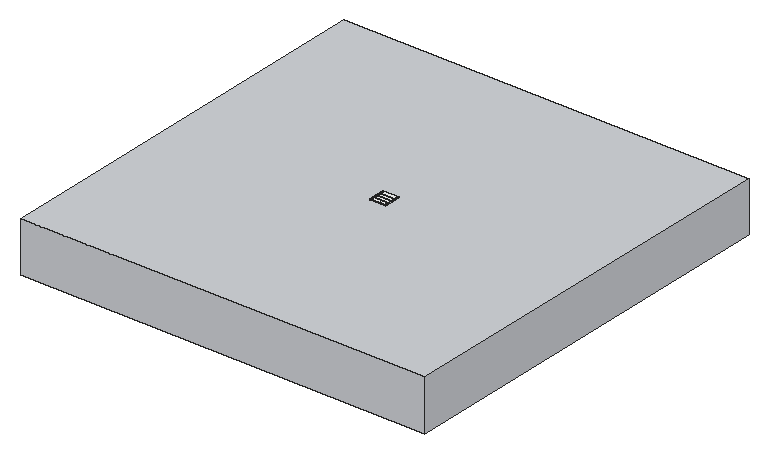
Revit family "Gira_5034219", category Elektroinstallationen, Revit 2017
Family settings
  Basisbauteil = Fläche
  Beschriftungsausrichtung beibehalten = Nein
  Bemaßung runder Anschluss = Durchmesser verwenden
  Teiletyp = Normal
  Beim Laden mit Abzugskörper schneiden = Nein
  Gemeinsam genutzt = Nein
  Raumberechnungspunkt = Nein
Parameters (values of type "Wippenset 4f indiv. Tastsens.4 TS4 Edelstahl")
  Werkstoffgüte = "Edelstahl"
  Werkstoff Text = "Metall"
  Default Elevation = 1219.2 mm
  URL = "https://www.gira.de/"
  Typname = "Wippenset 4f indiv. Tastsens.4 TS4 Edelstahl"
  Type Comments = ""
  Transparent = no
  Produktseite = "https://media.stage.bim.site/t/eyJhbGciOiJIUzI1NiIsInR5cCI6IkpXVCJ9.eyJjdCI6MiwidHUiOiJodHRwOi8va2F0YWxvZy5naXJhLmRlL2RlX0RFL2RhdGVuYmxhdHQuaHRtbD9hcnRpa2VsbnI9NTAzNDIxOSIsImNpZCI6IjMyNzdjYzIzLTgxYTktNGVlMy1hOTBhLWI0N2JiNGMwYjYxNiIsInJpZCI6ImRjMmJhYjFjZjE4NzU3ZDMxZmRmNmRhYjljNzE4OGJhIiwicGlkIjoiYjhiZTg2YWJkZWQwOThmOWRhOGFhMmZhZGFiZmNjZmQxYWVkMGI3MSIsInNpZCI6IjYzNDcwIiwidXQiOjEsImxjIjoiZGUiLCJpYXQiOjE2MDA5NDQ0ODQsImlzcyI6Imh0dHBzOi8vYXBpLmxpdmUuYmltLnNpdGUiLCJzdWIiOiJhZG1pbkBiaW1zaXRlLmRldiJ9.P8WfTovuVmcIwAMHQuJvHRlOZUjGtNW_kyqB0nRbeVw"
  Model = ""
  Cost = 0
  Hersteller = "Gira"
  HeinzeBIM = "https://www.heinze.de/bim/wippenset-4f-indiv-tastsens-4-ts4-edelstahl/b8be86abded098f9da8aa2fadabfccfd1aed0b71"
  HAN = "5034219"
  GTIN = "4010337072584"
  Funk bidirektional = no
  Farbe = "Edelstahl"
  Datenblatt 1 = "https://media.stage.bim.site/t/eyJhbGciOiJIUzI1NiIsInR5cCI6IkpXVCJ9.eyJjdCI6MSwidGYiOiJwdWJsaWMvZ2lyYS9hZThjNTU3LzUwMzQyMTkudHh0IiwiY2lkIjoiMzI3N2NjMjMtODFhOS00ZWUzLWE5MGEtYjQ3YmI0YzBiNjE2IiwicmlkIjoiZGMyYmFiMWNmMTg3NTdkMzFmZGY2ZGFiOWM3MTg4YmEiLCJwaWQiOiJiOGJlODZhYmRlZDA5OGY5ZGE4YWEyZmFkYWJmY2NmZDFhZWQwYjcxIiwic2lkIjoiNjM0NzAiLCJ1dCI6MSwibGMiOiJkZSIsImlhdCI6MTYwMDk0NDQ4NCwiaXNzIjoiaHR0cHM6Ly9hcGkubGl2ZS5iaW0uc2l0ZSIsInN1YiI6ImFkbWluQGJpbXNpdGUuZGV2In0.zFBmdyNPywE1B-cEaWIJrp5t3Y7y-4PVSZX3hhGgtAE/5034219.txt"
  Datenblatt = "https://media.stage.bim.site/t/eyJhbGciOiJIUzI1NiIsInR5cCI6IkpXVCJ9.eyJjdCI6MSwidHUiOiJodHRwczovL2thdGFsb2cuZ2lyYS5kZS9kZV9ERS9kb3dubG9hZC5odG1sP2FydGlrZWxucj01MDM0MjE5IiwiY2lkIjoiMzI3N2NjMjMtODFhOS00ZWUzLWE5MGEtYjQ3YmI0YzBiNjE2IiwicmlkIjoiZGMyYmFiMWNmMTg3NTdkMzFmZGY2ZGFiOWM3MTg4YmEiLCJwaWQiOiJiOGJlODZhYmRlZDA5OGY5ZGE4YWEyZmFkYWJmY2NmZDFhZWQwYjcxIiwic2lkIjoiNjM0NzAiLCJ1dCI6MSwibGMiOiJkZSIsImlhdCI6MTYwMDk0NDQ4NCwiaXNzIjoiaHR0cHM6Ly9hcGkubGl2ZS5iaW0uc2l0ZSIsInN1YiI6ImFkbWluQGJpbXNpdGUuZGV2In0.eXUxsWL3NRFbpH2cjeM2dkVeKlBjHnzQuezih7qsFdw"
  Bussystem Powernet = no
  Bussystem LON = no
  Bussystem KNX-Funk = no
  Bussystem KNX = yes
  Bussystem Funkbus = no
  Beschreibung = "Wippenset 4fach individuell für Tastsensor 4  Edelstahl Hinweise :  Beschreibbare Wippensets können mit einer individuellen Beschriftung versehen werden. Die Bestellung wird über den Großhandel abgewickelt, der beim Bestellvorgang der Wippen angegeben wurde.  Dieses Produkt kann ausschließlich über den Gira Beschriftungsservice bestellt werden.  Professionelle Beschriftung über den Gira Beschriftungsservice www.beschriftung.gira.de."
  Assembly Code = ""
  Keynote = ""
  BIMSITE_PRODUCT_ID = "b8be86abded098f9da8aa2fadabfccfd1aed0b71"
  BIM = "https://media.stage.bim.site/t/eyJhbGciOiJIUzI1NiIsInR5cCI6IkpXVCJ9.eyJjdCI6MSwidGYiOiJwdWJsaWMvZ2lyYS9hZThjNTU3LzQwXzUwMjQwMCBUUzQgV2lwcGVuc2V0IDRmYWNoLnJmYSIsImNpZCI6IjMyNzdjYzIzLTgxYTktNGVlMy1hOTBhLWI0N2JiNGMwYjYxNiIsInJpZCI6ImRjMmJhYjFjZjE4NzU3ZDMxZmRmNmRhYjljNzE4OGJhIiwicGlkIjoiYjhiZTg2YWJkZWQwOThmOWRhOGFhMmZhZGFiZmNjZmQxYWVkMGI3MSIsInNpZCI6IjYzNDcwIiwidXQiOjUsImxjIjoiZGUiLCJpYXQiOjE2MDA5NDQ0ODQsImlzcyI6Imh0dHBzOi8vYXBpLmxpdmUuYmltLnNpdGUiLCJzdWIiOiJhZG1pbkBiaW1zaXRlLmRldiJ9.VnMDdQHmuLUz1UqfwaGhI6ftAsXduJ0WMqtEe1AFf84/40_502400 TS4 Wippenset 4fach.rfa"
  Andere Bussysteme = "ohne"
Reference planes
  plane 1 "Center (Front/Back)": y = 0
  plane 2: z = 0
  plane 3 "Center (Left/Right)": x = 0
Forms (mm)
  Extrusion 1, solid
    sketch origin (0, 0, 0) x (1, 0, 0) y (0, 1, 0)
      loop
        line (-1219.2, 1219.2) -> (-1219.2, -1219.2) -> (1219.2, -1219.2) -> (1219.2, 1219.2) -> (-1219.2, 1219.2)
    from 0 to -304.8
Dimensions and locks
  aligned and locked: plane 2 to Extrusion 1
  aligned and locked: level to Extrusion 1
Nested families
  nested 1: "40_502100 TS4 Wippenset 4fach" at (0, 0, 0), type "40_502100 TS4 Wippenset 4fach"
Definition of nested family "40_502100 TS4 Wippenset 4fach"
  Parameters
    White = none
  Reference planes
    plane 1 "Center (Front/Back)": y = 0
    plane 2: z = 0
    plane 3 "Center (Left/Right)": x = 0
  Forms (mm)
    Extrusion 1, solid, material <- "White", detail levels fine
      sketch origin (0, 0, 0) x (1, 0, 0) y (0, 1, 0)
        loop
          arc (-46.5, 47.5) -> (-47.207, 47.207) -> (-47.5, 46.5) r 1
          line (-47.5, 46.5) -> (-47.5, 36.7) -> (-42.5, 36.7)
          arc (-42.5, 36.7) -> (-41.5, 35.7) -> (-42.5, 34.7) r 1
          line (-42.5, 34.7) -> (-47.5, 34.7) -> (-47.5, 24.95)
          arc (-47.5, 24.95) -> (-47.207, 24.243) -> (-46.5, 23.95) r 1
          line (-46.5, 23.95) -> (46.5, 23.95)
          arc (46.5, 23.95) -> (47.207, 24.243) -> (47.5, 24.95) r 1
          line (47.5, 24.95) -> (47.5, 34.7) -> (42.5, 34.7)
          arc (42.5, 34.7) -> (41.5, 35.7) -> (42.5, 36.7) r 1
          line (42.5, 36.7) -> (47.5, 36.7) -> (47.5, 46.5)
          arc (47.5, 46.5) -> (47.207, 47.207) -> (46.5, 47.5) r 1
          line (46.5, 47.5) -> (-46.5, 47.5)
      from 0 to 3.1
    Extrusion 2, solid, material <- "White", detail levels fine
      sketch origin (0, 0, 0) x (1, 0, 0) y (0, 1, 0)
        loop
          line (43.976, 44.188) -> (-43.976, 44.188) -> (-43.976, 27.198) -> (43.976, 27.198) -> (43.976, 44.188)
      from 0 to -1.5
    Extrusion 3, solid, detail levels fine
      sketch origin (0, 0, 0) x (1, 0, 0) y (0, 0, -1)
        loop
          line (-1.639, 4) -> (-2.5, 4) -> (-3.5, 1.5) -> (3.5, 1.5) -> (2.5, 4) -> (1.639, 4)
          arc (1.639, 4) -> (1.115, 3.694) -> (1.122, 3.087) r 0.603
          arc (1.122, 3.087) -> (-0.011, 1.666) -> (-1.122, 3.087) r 1.145
          arc (-1.122, 3.087) -> (-1.115, 3.694) -> (-1.639, 4) r 0.603
      from 41.985 to 44.199
    Extrusion 4, solid, material <- "White", detail levels medium
      sketch origin (0, 0, 0) x (1, 0, 0) y (0, 1, 0)
        loop
          line (43.976, 44.188) -> (-43.976, 44.188) -> (-43.976, 27.198) -> (43.976, 27.198) -> (43.976, 44.188)
      from 0 to -4
    Extrusion 5, solid, material <- "White", detail levels medium
      sketch origin (0, 0, 0) x (1, 0, 0) y (0, 1, 0)
        loop
          line (-47.5, 47.5) -> (-47.5, 23.95) -> (47.5, 23.95) -> (47.5, 47.5) -> (-47.5, 47.5)
      from 0 to 3.3
    Extrusion 6, solid, material <- "White", detail levels fine
      sketch origin (0, 0, 0) x (1, 0, 0) y (0, 1, 0)
        loop
          line (-43.976, 44.188) -> (-43.976, 40.908) -> (-42.655, 40.908) -> (-42.655, 44.188) -> (-43.976, 44.188)
        loop
          line (43.976, 44.188) -> (42.655, 44.188) -> (42.655, 40.908) -> (43.976, 40.908) -> (43.976, 44.188)
        loop
          line (-43.976, 27.198) -> (-42.655, 27.198) -> (-42.655, 30.479) -> (-43.976, 30.479) -> (-43.976, 27.198)
        loop
          line (43.976, 27.198) -> (43.976, 30.479) -> (42.655, 30.479) -> (42.655, 27.198) -> (43.976, 27.198)
      from 0 to -4
    Extrusion 7, solid, detail levels fine
      sketch origin (0, 35.7, 0) x (1, 0, 0) y (0, 1, 0)
        loop
          line (-47.5, 1) -> (-47.5, -1) -> (-42.5, -1)
          arc (-42.5, -1) -> (-41.5, 0) -> (-42.5, 1) r 1
          line (-42.5, 1) -> (-47.5, 1)
        loop
          line (47.5, 1) -> (42.5, 1)
          arc (42.5, 1) -> (41.5, 0) -> (42.5, -1) r 1
          line (42.5, -1) -> (47.5, -1) -> (47.5, 1)
      from 0 to 3.3
    Extrusion 8, solid, detail levels coarse
      sketch origin (0, 0, 0) x (1, 0, 0) y (0, 1, 0)
        loop
          line (-47.5, 47.5) -> (-47.5, -47.45) -> (47.5, -47.45) -> (47.5, 47.5) -> (-47.5, 47.5)
      from -4 to 3.3
    Extrusion 9, solid, material <- "White", detail levels fine
      sketch origin (0, 35.735, 0) x (1, 0, 0) y (0, 1, 0)
        loop
          line (-41.852, 6.181) -> (-43.976, 4.461) -> (-43.976, -4.461) -> (-41.852, -6.181)
          arc (-41.852, -6.181) -> (-38.884, -6.014) -> (-38.763, -3.043) r 2.212
          line (-38.763, -3.043) -> (-38.763, 3.043)
          arc (-38.763, 3.043) -> (-38.884, 6.014) -> (-41.852, 6.181) r 2.212
        loop
          arc (-39.415, 3.847) -> (-39.669, 5.38) -> (-41.223, 5.404) r 1.212
          line (-41.223, 5.404) -> (-42.938, 4.015) -> (-40.57, 1.883) -> (-39.415, 3.847)
        loop
          line (-39.415, -3.847) -> (-40.57, -1.883) -> (-42.938, -4.015) -> (-41.223, -5.404)
          arc (-41.223, -5.404) -> (-39.669, -5.38) -> (-39.415, -3.847) r 1.212
        loop
          arc (41.852, 6.181) -> (38.884, 6.014) -> (38.763, 3.043) r 2.212
          line (38.763, 3.043) -> (38.763, -3.043)
          arc (38.763, -3.043) -> (38.884, -6.014) -> (41.852, -6.181) r 2.212
          line (41.852, -6.181) -> (43.976, -4.461) -> (43.976, 4.461) -> (41.852, 6.181)
        loop
          line (39.415, 3.847) -> (40.57, 1.883) -> (42.938, 4.015) -> (41.223, 5.404)
          arc (41.223, 5.404) -> (39.669, 5.38) -> (39.415, 3.847) r 1.212
        loop
          arc (39.415, -3.847) -> (39.669, -5.38) -> (41.223, -5.404) r 1.212
          line (41.223, -5.404) -> (42.938, -4.015) -> (40.57, -1.883) -> (39.415, -3.847)
      from 0 to -3.1
    Extrusion 10, solid, material <- "White", detail levels fine
      sketch origin (0, -23.8, 0) x (1, 0, 0) y (0, 1, 0)
        loop
          arc (-46.5, 47.5) -> (-47.207, 47.207) -> (-47.5, 46.5) r 1
          line (-47.5, 46.5) -> (-47.5, 36.7) -> (-42.5, 36.7)
          arc (-42.5, 36.7) -> (-41.5, 35.7) -> (-42.5, 34.7) r 1
          line (-42.5, 34.7) -> (-47.5, 34.7) -> (-47.5, 24.95)
          arc (-47.5, 24.95) -> (-47.207, 24.243) -> (-46.5, 23.95) r 1
          line (-46.5, 23.95) -> (46.5, 23.95)
          arc (46.5, 23.95) -> (47.207, 24.243) -> (47.5, 24.95) r 1
          line (47.5, 24.95) -> (47.5, 34.7) -> (42.5, 34.7)
          arc (42.5, 34.7) -> (41.5, 35.7) -> (42.5, 36.7) r 1
          line (42.5, 36.7) -> (47.5, 36.7) -> (47.5, 46.5)
          arc (47.5, 46.5) -> (47.207, 47.207) -> (46.5, 47.5) r 1
          line (46.5, 47.5) -> (-46.5, 47.5)
      from 0 to 3.1
    Extrusion 11, solid, material <- "White", detail levels fine
      sketch origin (0, -23.8, 0) x (1, 0, 0) y (0, 1, 0)
        loop
          line (43.976, 44.188) -> (-43.976, 44.188) -> (-43.976, 27.198) -> (43.976, 27.198) -> (43.976, 44.188)
      from 0 to -1.5
    Extrusion 12, solid, detail levels fine
      sketch origin (0, -23.8, 0) x (1, 0, 0) y (0, 0, -1)
        loop
          line (-1.639, 4) -> (-2.5, 4) -> (-3.5, 1.5) -> (3.5, 1.5) -> (2.5, 4) -> (1.639, 4)
          arc (1.639, 4) -> (1.115, 3.694) -> (1.122, 3.087) r 0.603
          arc (1.122, 3.087) -> (-0.011, 1.666) -> (-1.122, 3.087) r 1.145
          arc (-1.122, 3.087) -> (-1.115, 3.694) -> (-1.639, 4) r 0.603
      from 41.985 to 44.199
    Extrusion 13, solid, material <- "White", detail levels medium
      sketch origin (0, -23.8, 0) x (1, 0, 0) y (0, 1, 0)
        loop
          line (43.976, 44.188) -> (-43.976, 44.188) -> (-43.976, 27.198) -> (43.976, 27.198) -> (43.976, 44.188)
      from 0 to -4
    Extrusion 14, solid, material <- "White", detail levels medium
      sketch origin (0, -23.8, 0) x (1, 0, 0) y (0, 1, 0)
        loop
          line (-47.5, 47.5) -> (-47.5, 23.95) -> (47.5, 23.95) -> (47.5, 47.5) -> (-47.5, 47.5)
      from 0 to 3.3
    Extrusion 15, solid, material <- "White", detail levels fine
      sketch origin (0, -23.8, 0) x (1, 0, 0) y (0, 1, 0)
        loop
          line (-43.976, 44.188) -> (-43.976, 40.908) -> (-42.655, 40.908) -> (-42.655, 44.188) -> (-43.976, 44.188)
        loop
          line (43.976, 44.188) -> (42.655, 44.188) -> (42.655, 40.908) -> (43.976, 40.908) -> (43.976, 44.188)
        loop
          line (-43.976, 27.198) -> (-42.655, 27.198) -> (-42.655, 30.479) -> (-43.976, 30.479) -> (-43.976, 27.198)
        loop
          line (43.976, 27.198) -> (43.976, 30.479) -> (42.655, 30.479) -> (42.655, 27.198) -> (43.976, 27.198)
      from 0 to -4
    Extrusion 16, solid, detail levels fine
      sketch origin (0, 11.9, 0) x (1, 0, 0) y (0, 1, 0)
        loop
          line (-47.5, 1) -> (-47.5, -1) -> (-42.5, -1)
          arc (-42.5, -1) -> (-41.5, 0) -> (-42.5, 1) r 1
          line (-42.5, 1) -> (-47.5, 1)
        loop
          line (47.5, 1) -> (42.5, 1)
          arc (42.5, 1) -> (41.5, 0) -> (42.5, -1) r 1
          line (42.5, -1) -> (47.5, -1) -> (47.5, 1)
      from 0 to 3.3
    Extrusion 17, solid, material <- "White", detail levels fine
      sketch origin (0, 11.935, 0) x (1, 0, 0) y (0, 1, 0)
        loop
          line (-41.852, 6.181) -> (-43.976, 4.461) -> (-43.976, -4.461) -> (-41.852, -6.181)
          arc (-41.852, -6.181) -> (-38.884, -6.014) -> (-38.763, -3.043) r 2.212
          line (-38.763, -3.043) -> (-38.763, 3.043)
          arc (-38.763, 3.043) -> (-38.884, 6.014) -> (-41.852, 6.181) r 2.212
        loop
          arc (-39.415, 3.847) -> (-39.669, 5.38) -> (-41.223, 5.404) r 1.212
          line (-41.223, 5.404) -> (-42.938, 4.015) -> (-40.57, 1.883) -> (-39.415, 3.847)
        loop
          line (-39.415, -3.847) -> (-40.57, -1.883) -> (-42.938, -4.015) -> (-41.223, -5.404)
          arc (-41.223, -5.404) -> (-39.669, -5.38) -> (-39.415, -3.847) r 1.212
        loop
          arc (41.852, 6.181) -> (38.884, 6.014) -> (38.763, 3.043) r 2.212
          line (38.763, 3.043) -> (38.763, -3.043)
          arc (38.763, -3.043) -> (38.884, -6.014) -> (41.852, -6.181) r 2.212
          line (41.852, -6.181) -> (43.976, -4.461) -> (43.976, 4.461) -> (41.852, 6.181)
        loop
          line (39.415, 3.847) -> (40.57, 1.883) -> (42.938, 4.015) -> (41.223, 5.404)
          arc (41.223, 5.404) -> (39.669, 5.38) -> (39.415, 3.847) r 1.212
        loop
          arc (39.415, -3.847) -> (39.669, -5.38) -> (41.223, -5.404) r 1.212
          line (41.223, -5.404) -> (42.938, -4.015) -> (40.57, -1.883) -> (39.415, -3.847)
      from 0 to -3.1
    Extrusion 18, solid, material <- "White", detail levels fine
      sketch origin (0, -47.65, 0) x (1, 0, 0) y (0, 1, 0)
        loop
          arc (-46.5, 47.5) -> (-47.207, 47.207) -> (-47.5, 46.5) r 1
          line (-47.5, 46.5) -> (-47.5, 36.7) -> (-42.5, 36.7)
          arc (-42.5, 36.7) -> (-41.5, 35.7) -> (-42.5, 34.7) r 1
          line (-42.5, 34.7) -> (-47.5, 34.7) -> (-47.5, 24.95)
          arc (-47.5, 24.95) -> (-47.207, 24.243) -> (-46.5, 23.95) r 1
          line (-46.5, 23.95) -> (46.5, 23.95)
          arc (46.5, 23.95) -> (47.207, 24.243) -> (47.5, 24.95) r 1
          line (47.5, 24.95) -> (47.5, 34.7) -> (42.5, 34.7)
          arc (42.5, 34.7) -> (41.5, 35.7) -> (42.5, 36.7) r 1
          line (42.5, 36.7) -> (47.5, 36.7) -> (47.5, 46.5)
          arc (47.5, 46.5) -> (47.207, 47.207) -> (46.5, 47.5) r 1
          line (46.5, 47.5) -> (-46.5, 47.5)
      from 0 to 3.1
    Extrusion 19, solid, material <- "White", detail levels fine
      sketch origin (0, -47.65, 0) x (1, 0, 0) y (0, 1, 0)
        loop
          line (43.976, 44.188) -> (-43.976, 44.188) -> (-43.976, 27.198) -> (43.976, 27.198) -> (43.976, 44.188)
      from 0 to -1.5
    Extrusion 20, solid, detail levels fine
      sketch origin (0, -47.65, 0) x (1, 0, 0) y (0, 0, -1)
        loop
          line (-1.639, 4) -> (-2.5, 4) -> (-3.5, 1.5) -> (3.5, 1.5) -> (2.5, 4) -> (1.639, 4)
          arc (1.639, 4) -> (1.115, 3.694) -> (1.122, 3.087) r 0.603
          arc (1.122, 3.087) -> (-0.011, 1.666) -> (-1.122, 3.087) r 1.145
          arc (-1.122, 3.087) -> (-1.115, 3.694) -> (-1.639, 4) r 0.603
      from 41.985 to 44.199
    Extrusion 21, solid, material <- "White", detail levels medium
      sketch origin (0, -47.65, 0) x (1, 0, 0) y (0, 1, 0)
        loop
          line (43.976, 44.188) -> (-43.976, 44.188) -> (-43.976, 27.198) -> (43.976, 27.198) -> (43.976, 44.188)
      from 0 to -4
    Extrusion 22, solid, material <- "White", detail levels medium
      sketch origin (0, -47.65, 0) x (1, 0, 0) y (0, 1, 0)
        loop
          line (-47.5, 47.5) -> (-47.5, 23.95) -> (47.5, 23.95) -> (47.5, 47.5) -> (-47.5, 47.5)
      from 0 to 3.3
    Extrusion 23, solid, material <- "White", detail levels fine
      sketch origin (0, -47.65, 0) x (1, 0, 0) y (0, 1, 0)
        loop
          line (-43.976, 44.188) -> (-43.976, 40.908) -> (-42.655, 40.908) -> (-42.655, 44.188) -> (-43.976, 44.188)
        loop
          line (43.976, 44.188) -> (42.655, 44.188) -> (42.655, 40.908) -> (43.976, 40.908) -> (43.976, 44.188)
        loop
          line (-43.976, 27.198) -> (-42.655, 27.198) -> (-42.655, 30.479) -> (-43.976, 30.479) -> (-43.976, 27.198)
        loop
          line (43.976, 27.198) -> (43.976, 30.479) -> (42.655, 30.479) -> (42.655, 27.198) -> (43.976, 27.198)
      from 0 to -4
    Extrusion 24, solid, detail levels fine
      sketch origin (0, -11.95, 0) x (1, 0, 0) y (0, 1, 0)
        loop
          line (-47.5, 1) -> (-47.5, -1) -> (-42.5, -1)
          arc (-42.5, -1) -> (-41.5, 0) -> (-42.5, 1) r 1
          line (-42.5, 1) -> (-47.5, 1)
        loop
          line (47.5, 1) -> (42.5, 1)
          arc (42.5, 1) -> (41.5, 0) -> (42.5, -1) r 1
          line (42.5, -1) -> (47.5, -1) -> (47.5, 1)
      from 0 to 3.3
    Extrusion 25, solid, material <- "White", detail levels fine
      sketch origin (0, -11.915, 0) x (1, 0, 0) y (0, 1, 0)
        loop
          line (-41.852, 6.181) -> (-43.976, 4.461) -> (-43.976, -4.461) -> (-41.852, -6.181)
          arc (-41.852, -6.181) -> (-38.884, -6.014) -> (-38.763, -3.043) r 2.212
          line (-38.763, -3.043) -> (-38.763, 3.043)
          arc (-38.763, 3.043) -> (-38.884, 6.014) -> (-41.852, 6.181) r 2.212
        loop
          arc (-39.415, 3.847) -> (-39.669, 5.38) -> (-41.223, 5.404) r 1.212
          line (-41.223, 5.404) -> (-42.938, 4.015) -> (-40.57, 1.883) -> (-39.415, 3.847)
        loop
          line (-39.415, -3.847) -> (-40.57, -1.883) -> (-42.938, -4.015) -> (-41.223, -5.404)
          arc (-41.223, -5.404) -> (-39.669, -5.38) -> (-39.415, -3.847) r 1.212
        loop
          arc (41.852, 6.181) -> (38.884, 6.014) -> (38.763, 3.043) r 2.212
          line (38.763, 3.043) -> (38.763, -3.043)
          arc (38.763, -3.043) -> (38.884, -6.014) -> (41.852, -6.181) r 2.212
          line (41.852, -6.181) -> (43.976, -4.461) -> (43.976, 4.461) -> (41.852, 6.181)
        loop
          line (39.415, 3.847) -> (40.57, 1.883) -> (42.938, 4.015) -> (41.223, 5.404)
          arc (41.223, 5.404) -> (39.669, 5.38) -> (39.415, 3.847) r 1.212
        loop
          arc (39.415, -3.847) -> (39.669, -5.38) -> (41.223, -5.404) r 1.212
          line (41.223, -5.404) -> (42.938, -4.015) -> (40.57, -1.883) -> (39.415, -3.847)
      from 0 to -3.1
    Extrusion 26, solid, material <- "White", detail levels fine
      sketch origin (0, -71.4, 0) x (1, 0, 0) y (0, 1, 0)
        loop
          arc (-46.5, 47.5) -> (-47.207, 47.207) -> (-47.5, 46.5) r 1
          line (-47.5, 46.5) -> (-47.5, 36.7) -> (-42.5, 36.7)
          arc (-42.5, 36.7) -> (-41.5, 35.7) -> (-42.5, 34.7) r 1
          line (-42.5, 34.7) -> (-47.5, 34.7) -> (-47.5, 24.95)
          arc (-47.5, 24.95) -> (-47.207, 24.243) -> (-46.5, 23.95) r 1
          line (-46.5, 23.95) -> (46.5, 23.95)
          arc (46.5, 23.95) -> (47.207, 24.243) -> (47.5, 24.95) r 1
          line (47.5, 24.95) -> (47.5, 34.7) -> (42.5, 34.7)
          arc (42.5, 34.7) -> (41.5, 35.7) -> (42.5, 36.7) r 1
          line (42.5, 36.7) -> (47.5, 36.7) -> (47.5, 46.5)
          arc (47.5, 46.5) -> (47.207, 47.207) -> (46.5, 47.5) r 1
          line (46.5, 47.5) -> (-46.5, 47.5)
      from 0 to 3.1
    Extrusion 27, solid, material <- "White", detail levels fine
      sketch origin (0, -71.4, 0) x (1, 0, 0) y (0, 1, 0)
        loop
          line (43.976, 44.188) -> (-43.976, 44.188) -> (-43.976, 27.198) -> (43.976, 27.198) -> (43.976, 44.188)
      from 0 to -1.5
    Extrusion 28, solid, detail levels fine
      sketch origin (0, -71.4, 0) x (1, 0, 0) y (0, 0, -1)
        loop
          line (-1.639, 4) -> (-2.5, 4) -> (-3.5, 1.5) -> (3.5, 1.5) -> (2.5, 4) -> (1.639, 4)
          arc (1.639, 4) -> (1.115, 3.694) -> (1.122, 3.087) r 0.603
          arc (1.122, 3.087) -> (-0.011, 1.666) -> (-1.122, 3.087) r 1.145
          arc (-1.122, 3.087) -> (-1.115, 3.694) -> (-1.639, 4) r 0.603
      from 41.985 to 44.199
    Extrusion 29, solid, material <- "White", detail levels medium
      sketch origin (0, -71.4, 0) x (1, 0, 0) y (0, 1, 0)
        loop
          line (43.976, 44.188) -> (-43.976, 44.188) -> (-43.976, 27.198) -> (43.976, 27.198) -> (43.976, 44.188)
      from 0 to -4
    Extrusion 30, solid, material <- "White", detail levels medium
      sketch origin (0, -71.4, 0) x (1, 0, 0) y (0, 1, 0)
        loop
          line (-47.5, 47.5) -> (-47.5, 23.95) -> (47.5, 23.95) -> (47.5, 47.5) -> (-47.5, 47.5)
      from 0 to 3.3
    Extrusion 31, solid, material <- "White", detail levels fine
      sketch origin (0, -71.4, 0) x (1, 0, 0) y (0, 1, 0)
        loop
          line (-43.976, 44.188) -> (-43.976, 40.908) -> (-42.655, 40.908) -> (-42.655, 44.188) -> (-43.976, 44.188)
        loop
          line (43.976, 44.188) -> (42.655, 44.188) -> (42.655, 40.908) -> (43.976, 40.908) -> (43.976, 44.188)
        loop
          line (-43.976, 27.198) -> (-42.655, 27.198) -> (-42.655, 30.479) -> (-43.976, 30.479) -> (-43.976, 27.198)
        loop
          line (43.976, 27.198) -> (43.976, 30.479) -> (42.655, 30.479) -> (42.655, 27.198) -> (43.976, 27.198)
      from 0 to -4
    Extrusion 32, solid, detail levels fine
      sketch origin (0, -35.7, 0) x (1, 0, 0) y (0, 1, 0)
        loop
          line (-47.5, 1) -> (-47.5, -1) -> (-42.5, -1)
          arc (-42.5, -1) -> (-41.5, 0) -> (-42.5, 1) r 1
          line (-42.5, 1) -> (-47.5, 1)
        loop
          line (47.5, 1) -> (42.5, 1)
          arc (42.5, 1) -> (41.5, 0) -> (42.5, -1) r 1
          line (42.5, -1) -> (47.5, -1) -> (47.5, 1)
      from 0 to 3.3
    Extrusion 33, solid, material <- "White", detail levels fine
      sketch origin (0, -35.665, 0) x (1, 0, 0) y (0, 1, 0)
        loop
          line (-41.852, 6.181) -> (-43.976, 4.461) -> (-43.976, -4.461) -> (-41.852, -6.181)
          arc (-41.852, -6.181) -> (-38.884, -6.014) -> (-38.763, -3.043) r 2.212
          line (-38.763, -3.043) -> (-38.763, 3.043)
          arc (-38.763, 3.043) -> (-38.884, 6.014) -> (-41.852, 6.181) r 2.212
        loop
          arc (-39.415, 3.847) -> (-39.669, 5.38) -> (-41.223, 5.404) r 1.212
          line (-41.223, 5.404) -> (-42.938, 4.015) -> (-40.57, 1.883) -> (-39.415, 3.847)
        loop
          line (-39.415, -3.847) -> (-40.57, -1.883) -> (-42.938, -4.015) -> (-41.223, -5.404)
          arc (-41.223, -5.404) -> (-39.669, -5.38) -> (-39.415, -3.847) r 1.212
        loop
          arc (41.852, 6.181) -> (38.884, 6.014) -> (38.763, 3.043) r 2.212
          line (38.763, 3.043) -> (38.763, -3.043)
          arc (38.763, -3.043) -> (38.884, -6.014) -> (41.852, -6.181) r 2.212
          line (41.852, -6.181) -> (43.976, -4.461) -> (43.976, 4.461) -> (41.852, 6.181)
        loop
          line (39.415, 3.847) -> (40.57, 1.883) -> (42.938, 4.015) -> (41.223, 5.404)
          arc (41.223, 5.404) -> (39.669, 5.38) -> (39.415, 3.847) r 1.212
        loop
          arc (39.415, -3.847) -> (39.669, -5.38) -> (41.223, -5.404) r 1.212
          line (41.223, -5.404) -> (42.938, -4.015) -> (40.57, -1.883) -> (39.415, -3.847)
      from 0 to -3.1
    Extrusion 34, solid, detail levels fine
      sketch origin (0, 71.387, 0) x (1, 0, 0) y (0, 0, 1)
        loop
          arc (-1.639, -4) -> (-1.115, -3.694) -> (-1.122, -3.087) r 0.603
          arc (-1.122, -3.087) -> (-0.011, -1.666) -> (1.122, -3.087) r 1.145
          arc (1.122, -3.087) -> (1.115, -3.694) -> (1.639, -4) r 0.603
          line (1.639, -4) -> (2.5, -4) -> (3.5, -1.5) -> (-3.5, -1.5) -> (-2.5, -4) -> (-1.639, -4)
      from 41.985 to 44.199
    Extrusion 35, solid, detail levels fine
      sketch origin (0, 47.597, 0) x (1, 0, 0) y (0, 0, 1)
        loop
          arc (-1.639, -4) -> (-1.115, -3.694) -> (-1.122, -3.087) r 0.603
          arc (-1.122, -3.087) -> (-0.011, -1.666) -> (1.122, -3.087) r 1.145
          arc (1.122, -3.087) -> (1.115, -3.694) -> (1.639, -4) r 0.603
          line (1.639, -4) -> (2.5, -4) -> (3.5, -1.5) -> (-3.5, -1.5) -> (-2.5, -4) -> (-1.639, -4)
      from 41.985 to 44.199
    Extrusion 36, solid, detail levels fine
      sketch origin (0, 23.747, 0) x (1, 0, 0) y (0, 0, 1)
        loop
          arc (-1.639, -4) -> (-1.115, -3.694) -> (-1.122, -3.087) r 0.603
          arc (-1.122, -3.087) -> (-0.011, -1.666) -> (1.122, -3.087) r 1.145
          arc (1.122, -3.087) -> (1.115, -3.694) -> (1.639, -4) r 0.603
          line (1.639, -4) -> (2.5, -4) -> (3.5, -1.5) -> (-3.5, -1.5) -> (-2.5, -4) -> (-1.639, -4)
      from 41.985 to 44.199
    Extrusion 37, solid, detail levels fine
      sketch origin (0, -0.003, 0) x (1, 0, 0) y (0, 0, 1)
        loop
          arc (-1.639, -4) -> (-1.115, -3.694) -> (-1.122, -3.087) r 0.603
          arc (-1.122, -3.087) -> (-0.011, -1.666) -> (1.122, -3.087) r 1.145
          arc (1.122, -3.087) -> (1.115, -3.694) -> (1.639, -4) r 0.603
          line (1.639, -4) -> (2.5, -4) -> (3.5, -1.5) -> (-3.5, -1.5) -> (-2.5, -4) -> (-1.639, -4)
      from 41.985 to 44.199
  Cuts and joins
    joined: Extrusion 2, Extrusion 6, Extrusion 9
  Dimensions and locks
    aligned and locked: level to plane 2
